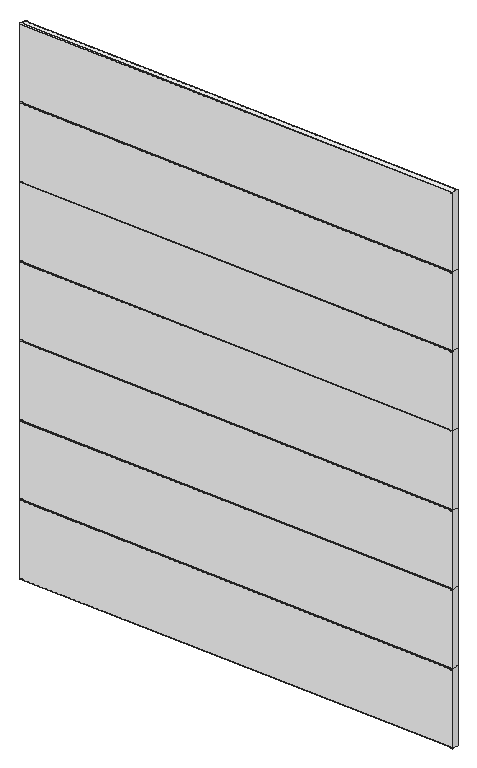
Revit family "3220-1Basic", category Doors, host Wall, Revit 2023
Family settings
  Host = Wall
  OmniClass Number = 23.30.10.17.37.14
  OmniClass Title = Sectional Overhead Doors
  Always vertical = Yes
  Cut with Voids When Loaded = No
  Shared = No
  Room Calculation Point = No
Parameters (values of type "By Type")
  Windload = "Doors available rated for various design pressures; consult Clopay for avaialbility and specifications"
  VisSection6 = NumSections = 6  # no
  VisSection5 = NumSections > 4  # yes
  VisSection4 = NumSections > 3  # yes
  VisSection3 = NumSections > 2  # yes
  VisArray = NumSections > 6  # yes
  URL = "www.clopaydoor.com"
  Track = "Galvanized steel (gauge varies according to door size)"
  Thickness = 0' - 2"  # constant formula
  Spec Wizard = "http://www.arcat.com/specwizard/08360clo/index.htm"
  Section Height = Height / NumSections  # 2' - 0"
  Sales Information = "http://www.clopaydoor.com/where-to-buy.aspx?type=dealer"
  Rough Width = 0' - 0"  # constant formula
  Rough Height = 0' - 0"  # constant formula
  R-Value = "9.1"
  Product Features and Benefits = "http://www.clopaydoor.com/insulated-polystyrene-applications.aspx"
  Overlapping Jamb = yes
  Overlap = if(Overlapping Jamb, 0' 1", 0' 0")  # 0' - 1"
  Opening Width = 12' - 0"
  Opening Height = 14' - 0"
  Omniclass Table = "23-30 10 17 37 "
  NumSectionsNotRounded = Height / 2' 0"  # 7
  NumSections = NumSectionsNotRounded + 0.4999  # 7
  NumArraySections = if(NumSections > 6, NumSections - 5, 2)  # 2
  Model = "3220"
  Maximum Size = "Maximum 28' 2'' wide by 26' 0'' high. Additional limitations may apply do to door weight. Consult Clopay for specificiations and shop drawings."  # constant formula
  Manufacturer Website = "http://www.clopaydoor.com"
  Manufacturer Phone Number = "1-800-526-4301"
  Manufacturer Address = "1400 W. Market St., Troy, OH 45373"
  Manufacturer = "Clopay Building Products Company"
  LEED = "http://products.construction.com/swts_content_files/151607/303186.pdf"
  Keynote = "08 36 13"
  Interior Steel = "28 ga. galvanized, primed, and finish painted"
  Hardware = "14 ga. min. steel hinges; 10-ball steel rollers"
  GreenFormat = "http://www.greenformat.com/products/1541-Polystyrene-Insulated-Doors"
  Function = Interior
  Height = Opening Height + Rough Width * 0  # 14' - 0"
  Wall Closure = By host
  Width = Opening Width + Rough Width * 0  # 12' - 0"
  FloorToSection7 = 6 * Section Height  # 12' - 0"
  FloorToSection6 = 5 * Section Height  # 10' - 0"
  FloorToSection5 = 4 * Section Height  # 8' - 0"
  FloorToSection4 = 3 * Section Height  # 6' - 0"
  FloorToSection3 = 2 * Section Height  # 4' - 0"
  FloorToSection2 = Section Height  # 2' - 0"
  File Revision = "01 (Aug, 2012)"
  Enterior Steel = "20 ga. galvanized, primed, and finish painted"
  Double End Stiles = Door Width > 14' 2"  # no
  Door Width = Opening Width + Overlap * 2  # 12' - 2"
  Door Height = Opening Height + Rough Width * 0  # 14' - 0"
  Description = "2'' thick polystyrene insulated, stucco embossed 20 gauge steel flush exterior."
  Core Material = "Expanded polystyrene"
  Copyright = "2010, Clopay Building Products Company, Inc."
  Color = White
  CAD and Specifications = "http://www.clopaydoor.com/insulated-polystyrene-specs.aspx"
  Assembly Code = "B2030410"
Reference planes (in)
  plane 1 "Center (Front/Back)": y = 0
  plane 2 "Center (Left/Right)": x = 0
  plane 3 "Left": x = -72
  plane 4 "Right": x = 72
  plane 5 "Top": z = 168
  plane 6 "Exterior": y = 3
  plane 7 "Interior": y = -3
  plane 8: z = 120
  plane 9: z = 144
Lines and regions (in)
  Opening 1
    outline origin (-90, -3, 0) x (1, 0, 0) y (0, 0, 1)
      loop
        line (18, 0) -> (162, 0) -> (162, 168) -> (18, 168) -> (18, 0)
Text (in)
  text "Exterior" at (-74.96733, 27.31104, 0), in view "Ref. Level"
  text "Interior" at (-74.96733, -25.14366, 0), in view "Ref. Level"
  text "Exterior" at (0, 40.15149, 123.01588), in view "Right"
  text "Interior" at (0, -64.39139, 123.01588), in view "Right"
  text "Interior" at (0, -31.01599, 123.00693), in view "Left"
  text "Exterior" at (0, 54.57065, 123.00693), in view "Left"
Dimensions and locks (in)
  equal spacing: plane 3 "Left", plane 2 "Center (Left/Right)", plane 4 "Right"
  "Height": level to plane 5 "Top"
  "Width": plane 3 "Left" to plane 4 "Right"
  host wall to plane 5 "Top" = 14' - 0"
  nested 1 to plane 7 "Interior" = 0' - 0 1/2"
  "FloorToSection6": plane 8 to level
  "FloorToSection7": plane 9 to level
  group 1 to group 2 = 0' - 0"  (x2)
  group 1 to group 2 = 2' - 0"
  aligned and locked: plane 3 "Left" to Opening 1 sketch curve
  aligned and locked: plane 5 "Top" to Opening 1 sketch curve  (x2)
  aligned and locked: Opening 1 sketch curve to plane 4 "Right"
  aligned and locked: Opening 1 sketch curve to level
  aligned and locked: plane 6 "Exterior" to host wall
  aligned and locked: host wall to plane 7 "Interior"
  aligned and locked: plane 2 "Center (Left/Right)" to nested 2
  aligned and locked: plane 2 "Center (Left/Right)" to nested 3
  aligned and locked: plane 2 "Center (Left/Right)" to nested 4
  aligned and locked: plane 2 "Center (Left/Right)" to nested 6
  aligned and locked: nested 6 to plane 8
  aligned and locked: nested 7 to plane 9
  aligned and locked: plane 2 "Center (Left/Right)" to nested 8
  aligned and locked: plane 7 "Interior" to nested 2
  aligned and locked: plane 7 "Interior" to nested 3
  aligned and locked: plane 7 "Interior" to nested 4  (x2)
  aligned and locked: plane 7 "Interior" to nested 8  (x2)
  aligned and locked: plane 7 "Interior" to nested 7
  aligned and locked: nested 1 to nested 7
  aligned and locked: nested 1 to nested 6
  aligned and locked: host wall to nested 3
Nested families (in)
  nested 1: "3220 Solid Section" at (0, 0, 0), type "Solid"
  nested 2: "3220 Solid Section" at (0, 0, 24), built-in parameter 1001364 <- "Section Height", type "Solid"
  nested 3: "3220 Solid Section" at (0, 0, 120), built-in parameter 1001364 <- "FloorToSection6", visible <- "VisSection6", type "Solid"
  nested 4: "3220 Solid Section" at (0, 0, 96), built-in parameter 1001364 <- "FloorToSection5", visible <- "VisSection5", type "Solid"
  nested 5: "3220 Solid Section" at (0, 0, 72), built-in parameter 1001364 <- "FloorToSection4", visible <- "VisSection4", type "Solid"
  nested 6: "3220 Solid Section" at (0, 0, 120), visible <- "VisArray", type "Solid"
  nested 7: "3220 Solid Section" at (0, 0, 144), visible <- "VisArray", type "Solid"
  nested 8: "3220 Solid Section" at (0, 0, 48), built-in parameter 1001364 <- "FloorToSection3", type "Solid"
Definition of nested family "3220 Solid Section"
  Parameters
    X9 = if(if(NumArrayedWindows < NumWindows, NumArrayedWindows + 1, NumWindows) < 9, X1, X8 + 3' 8")  # 1' - 5 1/2"
    X8 = if(if(NumArrayedWindows < NumWindows, NumArrayedWindows + 1, NumWindows) < 8, X1, X7 + 3' 8")  # 1' - 5 1/2"
    X7 = if(if(NumArrayedWindows < NumWindows, NumArrayedWindows + 1, NumWindows) < 7, X1, X6 + 3' 8")  # 1' - 5 1/2"
    X6 = if(if(NumArrayedWindows < NumWindows, NumArrayedWindows + 1, NumWindows) < 6, X1, X5 + 3' 8")  # 1' - 5 1/2"
    X5 = if(if(NumArrayedWindows < NumWindows, NumArrayedWindows + 1, NumWindows) < 5, X1, X4 + 3' 8")  # 1' - 5 1/2"
    X4 = if(if(NumArrayedWindows < NumWindows, NumArrayedWindows + 1, NumWindows) < 4, X1, X3 + 3' 8")  # 1' - 5 1/2"
    X3 = if(or(NumWindows < 3, SingleWindowVis), X1, X2 + 3' 8")  # 8' - 9 1/2"
    X2 = if(NumWindows < 2, ((Door Width - (NumWindows - 1) * 3' 8") / 2 - Cutout Width / 2), ((Door Width - (NumWindows - 1) * 3' 8") / 2 - Cutout Width / 2) + 3' 8")  # 5' - 1 1/2"
    WindowCutDepth = if(or(Window Type Index = 1, and(Door Width < 7' 8", Window Type Index = 4), and(Window Type Index = 3, Door Width < 7' 0")), -0' 0 13/128", 0' 2")  # -0' - 0 13/128"
    WindowArrayVis = or(and(Window Type Index = 4, Door Width > 7' 6"), and(Window Type Index = 3, Door Width > 6' 8"), and(not(Window Type Index = 1), not(SingleWindowVis), or(Door Width > 7' 7", Window Type Index < 3)))  # no
    Window Type Index = 1
    SingleWindowVis = and(X2 = X1, NumWindows = 3, or(Window Type Index = 3, Window Type Index = 4))  # no
    Section Height = 2' - 0"
    NumWindows = if(Door Width < 9' 4", 2, if(Door Width < 13' 4", 3, if(Door Width < 16' 4", 4, if(Door Width < 20' 4", 5, if(Door Width < 24' 4", 6, if(Door Width < 26' 4", 7, if(Door Width < 31' 8", 8, 10)))))))  # 3
    NumArrayedWindows = if(X2 = X1, if(NumWindows < 4, 2, NumWindows - 2), NumWindows)  # 3
    Half Section Height = Section Height / 2  # 1' - 0"
    Half Door Width Neg = -Half Door Width  # -6' - 1"
    Half Door Width = Door Width / 2  # 6' - 1"
    Half Cutout Height = Cutout Height / 2  # 0' - 6"
    Function = (empty or 0)
    Height = 0' - 0"
    Wall Closure = (empty or 0)
    Width = 0' - 0"
    X1 = if(if(or(Window Type Index = 3, Window Type Index = 4), if(or(and(Door Width < 11' 0", Door Width > 9' 2"), and(Door Width < 15' 3", Door Width > 13' 2")), X2, (Door Width - (NumWindows - 1) * 3' 8") / 2 - Cutout Width / 2), if(or(and(Door Width > 16' 2", Door Width < 16' 7")), X2, (Door Width - (NumWindows - 1) * 3' 8") / 2 - Cutout Width / 2)) < 0' 1", 0' 1", if(or(Window Type Index = 3, Window Type Index = 4), if(or(and(Door Width < 11' 0", Door Width > 9' 2"), and(Door Width < 15' 3", Door Width > 13' 2")), X2, (Door Width - (NumWindows - 1) * 3' 8") / 2 - Cutout Width / 2), if(or(and(Door Width > 16' 2", Door Width < 16' 7")), X2, (Door Width - (NumWindows - 1) * 3' 8") / 2 - Cutout Width / 2)))  # 1' - 5 1/2"
    Door Width = 12' - 2"
    CutoutToCutout = 1' - 0"
    Cutout Width = if(Window Type Index = 4, 3' 2", if(Window Type Index = 3, 2' 2", 1' 11"))  # 1' - 11"
    Cutout Height = if(Window Type Index = 2, 0' 7", 1' 0")  # 1' - 0"
    Color = none
    Assembly Code = ""
  Reference planes (in)
    plane 1 "Center (Front/Back)": y = 0
    plane 2 "Center (Left/Right)": x = 0
    plane 3 "Exterior": y = 3
    plane 4 "Interior": y = -3
    plane 5: y = -3.5
    plane 6: x = 73
    plane 7: x = -73
    plane 8: z = 24
    plane 9: z = 12
    plane 10: z = 0
  Forms (in)
    Extrusion 1, solid, material <- "Color"
      sketch origin (-73, -12, 83.08252) x (0, 0, 1) y (0, -1, 0)
        loop
          line (-59.08252, -8.37573) -> (-59.08252, -6.62444)
          arc (-59.08252, -6.62444) -> (-59.11897, -6.53645) -> (-59.20696, -6.5) r 0.12444
          line (-59.20696, -6.5) -> (-82.95809, -6.5)
          arc (-82.95809, -6.5) -> (-83.04608, -6.53645) -> (-83.08252, -6.62444) r 0.12444
          line (-83.08252, -6.62444) -> (-83.08252, -8.37573)
          arc (-83.08252, -8.37573) -> (-83.04612, -8.4636) -> (-82.95825, -8.5) r 0.12427
          line (-82.95825, -8.5) -> (-59.20679, -8.5)
          arc (-59.20679, -8.5) -> (-59.11892, -8.4636) -> (-59.08252, -8.37573) r 0.12427
      from 0 to 146 <- "Door Width"
    Extrusion 2, void
      sketch origin (-98.15385, -3.5, 48) x (1, 0, 0) y (0, 0, 1)
        loop
          line (153.65385, -30) -> (130.65385, -30) -> (130.65385, -36) -> (153.65385, -36) -> (153.65385, -30)
      from 0 to -0.10156 <- "WindowCutDepth"
    Extrusion 3, void
      sketch origin (-98.15385, -3.5, -24) x (1, 0, 0) y (0, 0, 1)
        loop
          line (153.65385, 30) -> (153.65385, 36) -> (130.65385, 36) -> (130.65385, 30) -> (153.65385, 30)
      from 0 to -0.10156 <- "WindowCutDepth"
    Extrusion 4, void
      sketch origin (-136.15385, -3.5, 48) x (1, 0, 0) y (0, 0, 1)
        loop
          line (147.65385, -30) -> (124.65385, -30) -> (124.65385, -36) -> (147.65385, -36) -> (147.65385, -30)
      from 0 to -0.10156 <- "WindowCutDepth"
    Extrusion 5, void
      sketch origin (-136.15385, -3.5, -24) x (1, 0, 0) y (0, 0, 1)
        loop
          line (147.65385, 30) -> (147.65385, 36) -> (124.65385, 36) -> (124.65385, 30) -> (147.65385, 30)
      from 0 to -0.10156 <- "WindowCutDepth"
    Extrusion 6, void
      sketch origin (-171.15385, -3.5, 48) x (1, 0, 0) y (0, 0, 1)
        loop
          line (138.65385, -30) -> (115.65385, -30) -> (115.65385, -36) -> (138.65385, -36) -> (138.65385, -30)
      from 0 to -0.10156 <- "WindowCutDepth"
    Extrusion 7, void
      sketch origin (-171.15385, -3.5, -24) x (1, 0, 0) y (0, 0, 1)
        loop
          line (138.65385, 30) -> (138.65385, 36) -> (115.65385, 36) -> (115.65385, 30) -> (138.65385, 30)
      from 0 to -0.10156 <- "WindowCutDepth"
    Extrusion 8, void
      sketch origin (-214.15385, -3.5, 48) x (1, 0, 0) y (0, 0, 1)
        loop
          line (269.65385, -30) -> (246.65385, -30) -> (246.65385, -36) -> (269.65385, -36) -> (269.65385, -30)
      from 0 to -0.10156 <- "WindowCutDepth"
    Extrusion 9, void
      sketch origin (-214.15385, -3.5, -24) x (1, 0, 0) y (0, 0, 1)
        loop
          line (269.65385, 30) -> (269.65385, 36) -> (246.65385, 36) -> (246.65385, 30) -> (269.65385, 30)
      from 0 to -0.10156 <- "WindowCutDepth"
    Extrusion 10, void
      sketch origin (-256.15385, -3.5, 48) x (1, 0, 0) y (0, 0, 1)
        loop
          line (311.65385, -30) -> (288.65385, -30) -> (288.65385, -36) -> (311.65385, -36) -> (311.65385, -30)
      from 0 to -0.10156 <- "WindowCutDepth"
    Extrusion 11, void
      sketch origin (-256.15385, -3.5, -24) x (1, 0, 0) y (0, 0, 1)
        loop
          line (311.65385, 30) -> (311.65385, 36) -> (288.65385, 36) -> (288.65385, 30) -> (311.65385, 30)
      from 0 to -0.10156 <- "WindowCutDepth"
    Extrusion 12, void
      sketch origin (-294.15385, -3.5, 48) x (1, 0, 0) y (0, 0, 1)
        loop
          line (349.65385, -30) -> (326.65385, -30) -> (326.65385, -36) -> (349.65385, -36) -> (349.65385, -30)
      from 0 to -0.10156 <- "WindowCutDepth"
    Extrusion 13, void
      sketch origin (-294.15385, -3.5, -24) x (1, 0, 0) y (0, 0, 1)
        loop
          line (349.65385, 30) -> (349.65385, 36) -> (326.65385, 36) -> (326.65385, 30) -> (349.65385, 30)
      from 0 to -0.10156 <- "WindowCutDepth"
    Extrusion 14, void
      sketch origin (-331.15385, -3.5, 48) x (1, 0, 0) y (0, 0, 1)
        loop
          line (386.65385, -30) -> (363.65385, -30) -> (363.65385, -36) -> (386.65385, -36) -> (386.65385, -30)
      from 0 to -0.10156 <- "WindowCutDepth"
    Extrusion 15, void
      sketch origin (-331.15385, -3.5, -24) x (1, 0, 0) y (0, 0, 1)
        loop
          line (386.65385, 30) -> (386.65385, 36) -> (363.65385, 36) -> (363.65385, 30) -> (386.65385, 30)
      from 0 to -0.10156 <- "WindowCutDepth"
    Extrusion 16, void
      sketch origin (-368.15385, -3.5, 48) x (1, 0, 0) y (0, 0, 1)
        loop
          line (423.65385, -30) -> (400.65385, -30) -> (400.65385, -36) -> (423.65385, -36) -> (423.65385, -30)
      from 0 to -0.10156 <- "WindowCutDepth"
    Extrusion 17, void
      sketch origin (-368.15385, -3.5, -24) x (1, 0, 0) y (0, 0, 1)
        loop
          line (423.65385, 30) -> (423.65385, 36) -> (400.65385, 36) -> (400.65385, 30) -> (423.65385, 30)
      from 0 to -0.10156 <- "WindowCutDepth"
    Extrusion 18, void
      sketch origin (-407.15385, -3.5, 48) x (1, 0, 0) y (0, 0, 1)
        loop
          line (462.65385, -30) -> (439.65385, -30) -> (439.65385, -36) -> (462.65385, -36) -> (462.65385, -30)
      from 0 to -0.10156 <- "WindowCutDepth"
    Extrusion 19, void
      sketch origin (-407.15385, -3.5, -24) x (1, 0, 0) y (0, 0, 1)
        loop
          line (462.65385, 30) -> (462.65385, 36) -> (439.65385, 36) -> (439.65385, 30) -> (462.65385, 30)
      from 0 to -0.10156 <- "WindowCutDepth"
  Cuts and joins
    Extrusion 2, Extrusion 3, Extrusion 4, Extrusion 5, Extrusion 6, Extrusion 7, Extrusion 8, Extrusion 9, Extrusion 10, Extrusion 11, Extrusion 12, Extrusion 13, Extrusion 14, Extrusion 15, Extrusion 16, Extrusion 17, Extrusion 18, Extrusion 19 cuts Extrusion 1
  Text (in)
    text "Exterior" at (-74.96733, 27.31104, 0), in view "Ref. Level"
    text "Interior" at (-74.96733, -25.14366, 0), in view "Ref. Level"
    text "Exterior" at (0, 40.15149, 123.01588), in view "Right"
    text "Interior" at (0, -64.39139, 123.01588), in view "Right"
    text "Interior" at (0, -31.01599, 123.00693), in view "Left"
    text "Exterior" at (0, 54.57065, 123.00693), in view "Left"
  Dimensions and locks (in)
    plane 4 "Interior" to plane 5 = 0' - 0 1/2"
    "Half Door Width": plane 2 "Center (Left/Right)" to plane 7
    "Half Door Width": plane 6 to plane 2 "Center (Left/Right)"
    Extrusion 1 sketch curve to Extrusion 1 sketch curve = 0' - 2"
    "Section Height": plane 8 to level
    "Half Section Height": level to plane 9
    "Cutout Width": Extrusion 2 sketch curve to Extrusion 2 sketch curve
    "Half Cutout Height": Extrusion 2 sketch curve to Extrusion 2 sketch curve
    "Cutout Width": Extrusion 3 sketch curve to Extrusion 3 sketch curve
    "Half Cutout Height": Extrusion 3 sketch curve to Extrusion 3 sketch curve
    "X1": cut or joined group 1 (Extrusion 1, Extrusion 2, Extrusion 3, Extrusion 4, Extrusion 5, Extrusion 6, Extrusion 7, Extrusion 8, Extrusion 9, Extrusion 10, Extrusion 11, Extrusion 12, Extrusion 13, Extrusion 14, Extrusion 15, Extrusion 16, Extrusion 17, Extrusion 18, Extrusion 19) to cut or joined group 1
    "Cutout Width": Extrusion 4 sketch curve to Extrusion 4 sketch curve
    "Half Cutout Height": Extrusion 4 sketch curve to Extrusion 4 sketch curve
    "Cutout Width": Extrusion 5 sketch curve to Extrusion 5 sketch curve
    "Half Cutout Height": Extrusion 5 sketch curve to Extrusion 5 sketch curve
    "Cutout Width": Extrusion 6 sketch curve to Extrusion 6 sketch curve
    "Half Cutout Height": Extrusion 6 sketch curve to Extrusion 6 sketch curve
    "Cutout Width": Extrusion 7 sketch curve to Extrusion 7 sketch curve
    "Half Cutout Height": Extrusion 7 sketch curve to Extrusion 7 sketch curve
    "X2": plane 6 to cut or joined group 1
    "X3": plane 6 to cut or joined group 1
    "Cutout Width": Extrusion 8 sketch curve to Extrusion 8 sketch curve
    "Half Cutout Height": Extrusion 8 sketch curve to Extrusion 8 sketch curve
    "Cutout Width": Extrusion 9 sketch curve to Extrusion 9 sketch curve
    "Half Cutout Height": Extrusion 9 sketch curve to Extrusion 9 sketch curve
    "Cutout Width": Extrusion 10 sketch curve to Extrusion 10 sketch curve
    "Half Cutout Height": Extrusion 10 sketch curve to Extrusion 10 sketch curve
    "Cutout Width": Extrusion 11 sketch curve to Extrusion 11 sketch curve
    "Half Cutout Height": Extrusion 11 sketch curve to Extrusion 11 sketch curve
    "Cutout Width": Extrusion 12 sketch curve to Extrusion 12 sketch curve
    "Half Cutout Height": Extrusion 12 sketch curve to Extrusion 12 sketch curve
    "Cutout Width": Extrusion 13 sketch curve to Extrusion 13 sketch curve
    "Half Cutout Height": Extrusion 13 sketch curve to Extrusion 13 sketch curve
    "Cutout Width": Extrusion 14 sketch curve to Extrusion 14 sketch curve
    "Half Cutout Height": Extrusion 14 sketch curve to Extrusion 14 sketch curve
    "Cutout Width": Extrusion 15 sketch curve to Extrusion 15 sketch curve
    "Half Cutout Height": Extrusion 15 sketch curve to Extrusion 15 sketch curve
    "Cutout Width": Extrusion 16 sketch curve to Extrusion 16 sketch curve
    "Half Cutout Height": Extrusion 16 sketch curve to Extrusion 16 sketch curve
    "Cutout Width": Extrusion 17 sketch curve to Extrusion 17 sketch curve
    "Half Cutout Height": Extrusion 17 sketch curve to Extrusion 17 sketch curve
    "Cutout Width": Extrusion 18 sketch curve to Extrusion 18 sketch curve
    "Half Cutout Height": Extrusion 18 sketch curve to Extrusion 18 sketch curve
    "Cutout Width": Extrusion 19 sketch curve to Extrusion 19 sketch curve
    "Half Cutout Height": Extrusion 19 sketch curve to Extrusion 19 sketch curve
    "X4": plane 6 to cut or joined group 1
    "X5": plane 6 to cut or joined group 1
    "X6": plane 6 to cut or joined group 1
    "X7": plane 6 to cut or joined group 1
    "X8": plane 6 to cut or joined group 1
    "X9": plane 6 to cut or joined group 1
    locked: plane 5 to plane 4 "Interior" at 0.5
    radius of Extrusion 1 sketch curve = 0' - 0.12427"  (x2)
    radius of Extrusion 1 sketch curve = 0' - 0.12444"  (x2)
    aligned and locked: Extrusion 1 sketch curve to plane 5
    aligned and locked: Extrusion 2 sketch curve to plane 9
    aligned and locked: plane 9 to Extrusion 3 sketch curve
    aligned and locked: cut or joined group 1 to cut or joined group 1  (x9)
    aligned and locked: plane 10 to level
  Automatic sketch dimensions
    Extrusion 1 sketch curve to level = 0' - 0"
    Extrusion 1 sketch curve to plane 8 = 0' - 0"
    plane 2 "Center (Left/Right)" to Extrusion 2 sketch curve = 2' - 8 1/2"
    plane 2 "Center (Left/Right)" to Extrusion 3 sketch curve = 2' - 8 1/2"
    Extrusion 4 sketch curve to plane 9 = 0' - 0"
    Extrusion 4 sketch curve to plane 2 "Center (Left/Right)" = 0' - 11 1/2"
    Extrusion 5 sketch curve to plane 9 = 0' - 0"
    Extrusion 5 sketch curve to plane 2 "Center (Left/Right)" = 0' - 11 1/2"
    Extrusion 6 sketch curve to plane 9 = 0' - 0"
    Extrusion 6 sketch curve to plane 2 "Center (Left/Right)" = 4' - 7 1/2"
    Extrusion 7 sketch curve to plane 9 = 0' - 0"
    Extrusion 7 sketch curve to plane 2 "Center (Left/Right)" = 4' - 7 1/2"
    Extrusion 8 sketch curve to plane 9 = 0' - 0"
    plane 2 "Center (Left/Right)" to Extrusion 8 sketch curve = 2' - 8 1/2"
    Extrusion 9 sketch curve to plane 9 = 0' - 0"
    plane 2 "Center (Left/Right)" to Extrusion 9 sketch curve = 2' - 8 1/2"
    Extrusion 10 sketch curve to plane 9 = 0' - 0"
    plane 2 "Center (Left/Right)" to Extrusion 10 sketch curve = 2' - 8 1/2"
    Extrusion 11 sketch curve to plane 9 = 0' - 0"
    plane 2 "Center (Left/Right)" to Extrusion 11 sketch curve = 2' - 8 1/2"
    Extrusion 12 sketch curve to plane 9 = 0' - 0"
    plane 2 "Center (Left/Right)" to Extrusion 12 sketch curve = 2' - 8 1/2"
    Extrusion 13 sketch curve to plane 9 = 0' - 0"
    plane 2 "Center (Left/Right)" to Extrusion 13 sketch curve = 2' - 8 1/2"
    Extrusion 14 sketch curve to plane 9 = 0' - 0"
    plane 2 "Center (Left/Right)" to Extrusion 14 sketch curve = 2' - 8 1/2"
    Extrusion 15 sketch curve to plane 9 = 0' - 0"
    plane 2 "Center (Left/Right)" to Extrusion 15 sketch curve = 2' - 8 1/2"
    Extrusion 16 sketch curve to plane 9 = 0' - 0"
    plane 2 "Center (Left/Right)" to Extrusion 16 sketch curve = 2' - 8 1/2"
    Extrusion 17 sketch curve to plane 9 = 0' - 0"
    plane 2 "Center (Left/Right)" to Extrusion 17 sketch curve = 2' - 8 1/2"
    Extrusion 18 sketch curve to plane 9 = 0' - 0"
    plane 2 "Center (Left/Right)" to Extrusion 18 sketch curve = 2' - 8 1/2"
    Extrusion 19 sketch curve to plane 9 = 0' - 0"
    plane 2 "Center (Left/Right)" to Extrusion 19 sketch curve = 2' - 8 1/2"
